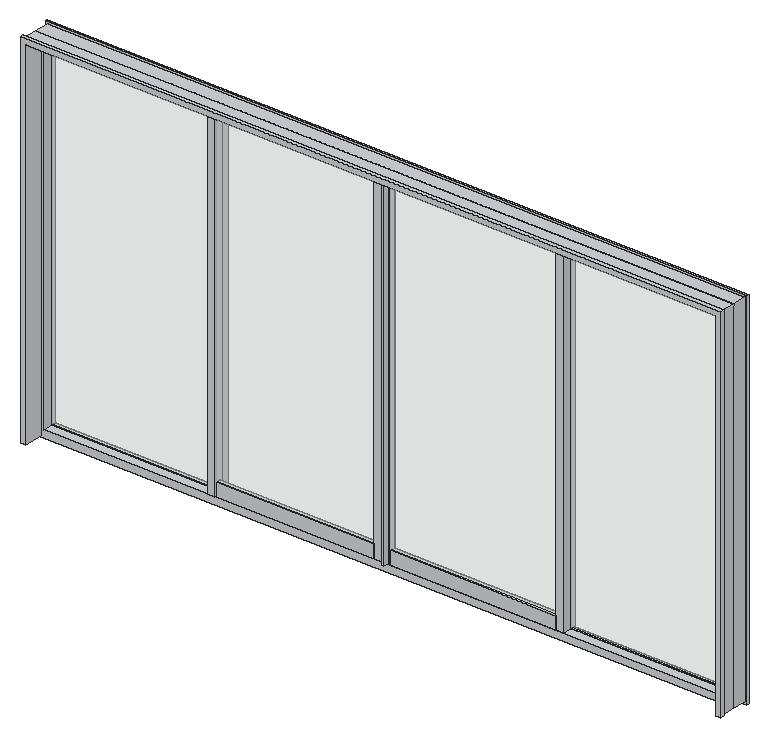
Revit family "APL Residential Thermal Heart Sliding Door FSSF", category Doors, host Wall, Revit 2017 (continued)
Definition of nested family "APL Residential Thermal Heart Sliding Door FSSF Vertical Section"
  Definition of nested family "Head Two Panel"
    Definition of nested family "65400_Frame Head"
      Lines and regions (mm)
        detail lines, in view "Ref. Level"
          curve 200: arc (70.2, -10.4, 0) -> (70.317, -10.117, 0) -> (70.6, -10, 0) r 0.4
          curve 201: arc (70.893, -10, 0) -> (70.996, -10.014, 0) -> (71.093, -10.054, 0) r 0.4
          curve 202: arc (72.621, -10.939, 0) -> (72.911, -11.059, 0) -> (73.222, -11.1, 0) r 1.2
          curve 203: arc (74.145, -11.1, 0) -> (74.718, -11.281, 0) -> (75.084, -11.758, 0) r 1
          curve 204: arc (75.877, -13.937, 0) -> (76.024, -14.128, 0) -> (76.253, -14.2, 0) r 0.4
          curve 205: arc (78.947, -14.2, 0) -> (79.176, -14.128, 0) -> (79.323, -13.937, 0) r 0.4
          curve 206: arc (80.116, -11.758, 0) -> (80.482, -11.281, 0) -> (81.055, -11.1, 0) r 1
          curve 207: arc (81.978, -11.1, 0) -> (82.289, -11.059, 0) -> (82.579, -10.939, 0) r 1.2
          curve 208: arc (84.107, -10.054, 0) -> (84.204, -10.014, 0) -> (84.307, -10, 0) r 0.4
          curve 209: arc (84.6, -10, 0) -> (84.883, -10.117, 0) -> (85, -10.4, 0) r 0.4
          curve 210: arc (85, -13.8, 0) -> (84.883, -14.083, 0) -> (84.6, -14.2, 0) r 0.4
          curve 211: arc (84.307, -14.2, 0) -> (84.204, -14.186, 0) -> (84.107, -14.146, 0) r 0.4
          curve 212: arc (82.579, -13.262, 0) -> (82.285, -13.14, 0) -> (81.97, -13.1, 0) r 1.2
          curve 213: arc (81.97, -13.1, 0) -> (81.795, -13.153, 0) -> (81.684, -13.297, 0) r 0.3
          curve 214: arc (80.796, -15.737, 0) -> (80.649, -15.928, 0) -> (80.42, -16, 0) r 0.4
          curve 215: arc (74.78, -16, 0) -> (74.551, -15.928, 0) -> (74.404, -15.737, 0) r 0.4
          curve 216: arc (73.516, -13.297, 0) -> (73.405, -13.153, 0) -> (73.23, -13.1, 0) r 0.3
          curve 217: arc (73.23, -13.1, 0) -> (72.915, -13.14, 0) -> (72.621, -13.262, 0) r 1.2
          curve 218: arc (71.093, -14.146, 0) -> (70.996, -14.186, 0) -> (70.893, -14.2, 0) r 0.4
          curve 219: arc (70.6, -14.2, 0) -> (70.317, -14.083, 0) -> (70.2, -13.8, 0) r 0.4
          curve 220: line (70.6, -10, 0) -> (70.893, -10, 0)
          curve 221: line (71.093, -10.054, 0) -> (72.621, -10.939, 0)
          curve 222: line (73.222, -11.1, 0) -> (74.145, -11.1, 0)
          curve 223: line (75.084, -11.758, 0) -> (75.877, -13.937, 0)
          curve 224: line (76.253, -14.2, 0) -> (78.947, -14.2, 0)
          curve 225: line (79.323, -13.937, 0) -> (80.116, -11.758, 0)
          curve 226: line (81.055, -11.1, 0) -> (81.978, -11.1, 0)
          curve 227: line (82.579, -10.939, 0) -> (84.107, -10.054, 0)
          curve 228: line (84.307, -10, 0) -> (84.6, -10, 0)
          curve 229: line (85, -10.4, 0) -> (85, -13.8, 0)
          curve 230: line (84.6, -14.2, 0) -> (84.307, -14.2, 0)
          curve 231: line (84.107, -14.146, 0) -> (82.579, -13.262, 0)
          curve 232: line (81.684, -13.297, 0) -> (80.796, -15.737, 0)
          curve 233: line (80.42, -16, 0) -> (74.78, -16, 0)
          curve 234: line (74.404, -15.737, 0) -> (73.516, -13.297, 0)
          curve 235: line (72.621, -13.262, 0) -> (71.093, -14.146, 0)
          curve 236: line (70.893, -14.2, 0) -> (70.6, -14.2, 0)
          curve 237: line (70.2, -13.8, 0) -> (70.2, -10.4, 0)
          curve 238: arc (70.2, -5.6, 0) -> (70.317, -5.883, 0) -> (70.6, -6, 0) r 0.4
          curve 239: arc (70.893, -6, 0) -> (70.996, -5.986, 0) -> (71.093, -5.946, 0) r 0.4
          curve 240: arc (72.621, -5.061, 0) -> (72.911, -4.941, 0) -> (73.222, -4.9, 0) r 1.2
          curve 241: arc (74.145, -4.9, 0) -> (74.718, -4.719, 0) -> (75.084, -4.242, 0) r 1
          curve 242: arc (75.877, -2.063, 0) -> (76.024, -1.872, 0) -> (76.253, -1.8, 0) r 0.4
          curve 243: arc (78.947, -1.8, 0) -> (79.176, -1.872, 0) -> (79.323, -2.063, 0) r 0.4
          curve 244: arc (80.116, -4.242, 0) -> (80.482, -4.719, 0) -> (81.055, -4.9, 0) r 1
          curve 245: arc (81.978, -4.9, 0) -> (82.289, -4.941, 0) -> (82.579, -5.061, 0) r 1.2
          curve 246: arc (84.107, -5.946, 0) -> (84.204, -5.986, 0) -> (84.307, -6, 0) r 0.4
          curve 247: arc (84.6, -6, 0) -> (84.883, -5.883, 0) -> (85, -5.6, 0) r 0.4
          curve 248: arc (85, -2.2, 0) -> (84.883, -1.917, 0) -> (84.6, -1.8, 0) r 0.4
          curve 249: arc (84.307, -1.8, 0) -> (84.204, -1.814, 0) -> (84.107, -1.854, 0) r 0.4
          curve 250: arc (82.579, -2.739, 0) -> (82.285, -2.86, 0) -> (81.97, -2.9, 0) r 1.2
          curve 251: arc (81.97, -2.9, 0) -> (81.795, -2.847, 0) -> (81.684, -2.703, 0) r 0.3
          curve 252: arc (80.796, -0.263, 0) -> (80.649, -0.072, 0) -> (80.42, 0, 0) r 0.4
          curve 253: arc (74.78, 0, 0) -> (74.551, -0.072, 0) -> (74.404, -0.263, 0) r 0.4
          curve 254: arc (73.516, -2.703, 0) -> (73.405, -2.847, 0) -> (73.23, -2.9, 0) r 0.3
          curve 255: arc (73.23, -2.9, 0) -> (72.915, -2.86, 0) -> (72.621, -2.739, 0) r 1.2
          curve 256: arc (71.093, -1.854, 0) -> (70.996, -1.814, 0) -> (70.893, -1.8, 0) r 0.4
          curve 257: arc (70.6, -1.8, 0) -> (70.317, -1.917, 0) -> (70.2, -2.2, 0) r 0.4
          curve 258: line (70.6, -6, 0) -> (70.893, -6, 0)
          curve 259: line (71.093, -5.946, 0) -> (72.621, -5.061, 0)
          curve 260: line (73.222, -4.9, 0) -> (74.145, -4.9, 0)
          curve 261: line (75.084, -4.242, 0) -> (75.877, -2.063, 0)
          curve 262: line (76.253, -1.8, 0) -> (78.947, -1.8, 0)
          curve 263: line (79.323, -2.063, 0) -> (80.116, -4.242, 0)
          curve 264: line (81.055, -4.9, 0) -> (81.978, -4.9, 0)
          curve 265: line (82.579, -5.061, 0) -> (84.107, -5.946, 0)
          curve 266: line (84.307, -6, 0) -> (84.6, -6, 0)
          curve 267: line (85, -5.6, 0) -> (85, -2.2, 0)
          curve 268: line (84.6, -1.8, 0) -> (84.307, -1.8, 0)
          curve 269: line (84.107, -1.854, 0) -> (82.579, -2.739, 0)
          curve 270: line (81.684, -2.703, 0) -> (80.796, -0.263, 0)
          curve 271: line (80.42, 0, 0) -> (74.78, 0, 0)
          curve 272: line (74.404, -0.263, 0) -> (73.516, -2.703, 0)
          curve 273: line (72.621, -2.739, 0) -> (71.093, -1.854, 0)
          curve 274: line (70.893, -1.8, 0) -> (70.6, -1.8, 0)
          curve 275: line (70.2, -2.2, 0) -> (70.2, -5.6, 0)
          curve 276: arc (113.4, -35.877, 0) -> (113.327, -35.95, 0) -> (113.3, -36.05, 0) r 0.2
          curve 277: arc (113.3, -40.25, 0) -> (113.327, -40.35, 0) -> (113.4, -40.423, 0) r 0.2
          curve 278: arc (113.4, -40.423, 0) -> (113.473, -40.496, 0) -> (113.5, -40.596, 0) r 0.2
          curve 279: arc (113.5, -41.8, 0) -> (113.441, -41.941, 0) -> (113.3, -42, 0) r 0.2
          curve 280: arc (111.701, -42, 0) -> (111.559, -41.942, 0) -> (111.5, -41.8, 0) r 0.2
          curve 281: arc (111.5, -40.95, 0) -> (111, -40.451, 0) -> (110.5, -40.95, 0) r 0.5
          curve 282: arc (110.5, -42.5, 0) -> (110.646, -42.854, 0) -> (111, -43, 0) r 0.499
          curve 283: arc (114.5, -43, 0) -> (114.847, -42.847, 0) -> (115, -42.5, 0) r 0.523
          curve 284: arc (115, -21.5, 0) -> (114.856, -21.144, 0) -> (114.5, -21, 0) r 0.493
          curve 285: arc (111.7, -21, 0) -> (111.558, -20.942, 0) -> (111.5, -20.8, 0) r 0.199
          curve 286: arc (111.5, -13.199, 0) -> (110.852, -11.559, 0) -> (109.258, -10.805, 0) r 2.399
          curve 287: arc (109.258, -10.805, 0) -> (108.878, -10.588, 0) -> (108.814, -10.156, 0) r 0.5
          curve 288: arc (108.814, -10.156, 0) -> (109, -8.953, 0) -> (108.816, -7.75, 0) r 4
          curve 289: arc (108.816, -7.75, 0) -> (108.89, -7.304, 0) -> (109.293, -7.1, 0) r 0.5
          curve 290: arc (109.5, -7.1, 0) -> (110.914, -6.514, 0) -> (111.5, -5.1, 0) r 2.001
          curve 291: arc (120.75, -1.5, 0) -> (121.501, -0.747, 0) -> (120.745, 0, 0) r 0.75
          curve 292: arc (111.5, 0, 0) -> (110.439, -0.439, 0) -> (110, -1.5, 0) r 1.5
          curve 293: arc (110, -5, 0) -> (109.941, -5.141, 0) -> (109.8, -5.2, 0) r 0.2
          curve 294: arc (100.5, -5.2, 0) -> (100.146, -5.346, 0) -> (100, -5.7, 0) r 0.5
          curve 295: arc (100, -6.2, 0) -> (100.146, -6.554, 0) -> (100.5, -6.7, 0) r 0.5
          curve 296: arc (101.927, -6.7, 0) -> (102.266, -6.833, 0) -> (102.426, -7.16, 0) r 0.5
          curve 297: arc (102.426, -7.16, 0) -> (102.912, -7.803, 0) -> (103.7, -7.634, 0) r 0.75
          curve 298: arc (103.7, -7.634, 0) -> (105, -7.1, 0) -> (106.3, -7.634, 0) r 1.85
          curve 299: arc (106.3, -7.634, 0) -> (106.442, -7.744, 0) -> (106.607, -7.817, 0) r 0.75
          curve 300: arc (106.607, -7.817, 0) -> (106.791, -7.92, 0) -> (106.916, -8.09, 0) r 0.5
          curve 301: arc (106.916, -8.09, 0) -> (107.1, -8.95, 0) -> (106.916, -9.81, 0) r 2.1
          curve 302: arc (106.916, -9.81, 0) -> (106.791, -9.98, 0) -> (106.607, -10.083, 0) r 0.5
          curve 303: arc (106.607, -10.083, 0) -> (106.442, -10.156, 0) -> (106.3, -10.266, 0) r 0.75
          curve 304: arc (106.3, -10.266, 0) -> (105, -10.8, 0) -> (103.7, -10.266, 0) r 1.85
          curve 305: arc (103.7, -10.266, 0) -> (103.027, -10.064, 0) -> (102.482, -10.509, 0) r 0.75
          curve 306: arc (102.482, -10.509, 0) -> (102.32, -10.716, 0) -> (102.075, -10.812, 0) r 0.5
          curve 307: arc (102.075, -10.812, 0) -> (101.154, -11.14, 0) -> (100.481, -11.85, 0) r 2.1
          curve 308: arc (100.481, -11.85, 0) -> (100.298, -12.033, 0) -> (100.048, -12.1, 0) r 0.5
          curve 309: arc (91.556, -12.1, 0) -> (91.287, -12.022, 0) -> (91.103, -11.812, 0) r 0.5
          curve 310: arc (91.103, -11.812, 0) -> (90.328, -10.929, 0) -> (89.2, -10.6, 0) r 2.1
          curve 311: arc (87.9, -10.6, 0) -> (87.193, -10.307, 0) -> (86.9, -9.6, 0) r 1
          curve 312: arc (86.9, -0.5, 0) -> (86.754, -0.146, 0) -> (86.4, 0, 0) r 0.5
          curve 313: arc (84.083, 0, 0) -> (83.778, -0.199, 0) -> (83.505, 0.043, 0) r 0.3
          curve 314: arc (83.505, 0.043, 0) -> (83.439, 0.181, 0) -> (83.313, 0.268, 0) r 0.3
          curve 315: arc (81.903, 0.782, 0) -> (81.617, 0.738, 0) -> (81.501, 0.474, 0) r 0.3
          curve 316: arc (81.708, -1.892, 0) -> (81.735, -1.992, 0) -> (81.795, -2.078, 0) r 0.3
          curve 317: arc (82.159, -2.441, 0) -> (82.352, -2.493, 0) -> (82.493, -2.352, 0) r 0.2
          curve 318: arc (82.538, -2.184, 0) -> (82.59, -2.095, 0) -> (82.679, -2.043, 0) r 0.2
          curve 319: arc (84.822, -1.51, 0) -> (85.164, -1.657, 0) -> (85.1, -2.024, 0) r 0.3
          curve 320: arc (85.1, -2.024, 0) -> (85.026, -2.125, 0) -> (85, -2.247, 0) r 0.3
          curve 321: arc (85.194, -6.25, 0) -> (85.158, -6.422, 0) -> (85, -6.5, 0) r 0.2
          curve 322: arc (84.479, -6.5, 0) -> (84.398, -6.489, 0) -> (84.323, -6.456, 0) r 0.3
          curve 323: arc (83.069, -5.691, 0) -> (83.063, -5.498, 0) -> (82.92, -5.367, 0) r 0.25
          curve 324: arc (82.92, -5.367, 0) -> (82.65, -5.321, 0) -> (82.5, -5.55, 0) r 0.25
          curve 325: arc (82.5, -7.126, 0) -> (82.582, -7.523, 0) -> (82.815, -7.854, 0) r 1
          curve 326: arc (82.815, -7.854, 0) -> (82.878, -8, 0) -> (82.815, -8.146, 0) r 0.2
          curve 327: arc (82.815, -8.146, 0) -> (82.582, -8.477, 0) -> (82.5, -8.874, 0) r 1
          curve 328: arc (82.5, -10.45, 0) -> (82.628, -10.668, 0) -> (82.88, -10.663, 0) r 0.25
          curve 329: arc (82.966, -10.611, 0) -> (83.072, -10.479, 0) -> (83.069, -10.309, 0) r 0.25
          curve 330: arc (84.323, -9.544, 0) -> (84.398, -9.511, 0) -> (84.479, -9.5, 0) r 0.3
          curve 331: arc (85, -9.5, 0) -> (85.158, -9.577, 0) -> (85.194, -9.75, 0) r 0.2
          curve 332: arc (85, -13.753, 0) -> (85.026, -13.875, 0) -> (85.1, -13.976, 0) r 0.3
          curve 333: arc (85.1, -13.976, 0) -> (85.164, -14.343, 0) -> (84.822, -14.49, 0) r 0.3
          curve 334: arc (82.679, -13.957, 0) -> (82.59, -13.905, 0) -> (82.538, -13.816, 0) r 0.2
          curve 335: arc (82.493, -13.648, 0) -> (82.352, -13.507, 0) -> (82.159, -13.559, 0) r 0.2
          curve 336: arc (81.795, -13.922, 0) -> (81.735, -14.008, 0) -> (81.708, -14.108, 0) r 0.3
          curve 337: arc (81.501, -16.474, 0) -> (81.617, -16.738, 0) -> (81.903, -16.782, 0) r 0.3
          curve 338: arc (83.313, -16.268, 0) -> (83.439, -16.181, 0) -> (83.505, -16.043, 0) r 0.3
          curve 339: arc (83.505, -16.043, 0) -> (83.778, -15.801, 0) -> (84.083, -16, 0) r 0.3
          curve 340: arc (86.7, -16, 0) -> (86.841, -15.941, 0) -> (86.9, -15.8, 0) r 0.2
          curve 341: arc (86.9, -12.7, 0) -> (86.959, -12.559, 0) -> (87.1, -12.5, 0) r 0.2
          curve 342: arc (89.2, -12.5, 0) -> (89.341, -12.559, 0) -> (89.4, -12.7, 0) r 0.2
          curve 343: arc (89.4, -13.8, 0) -> (89.459, -13.941, 0) -> (89.6, -14, 0) r 0.2
          curve 344: arc (101.9, -14, 0) -> (102.042, -13.941, 0) -> (102.1, -13.8, 0) r 0.2
          curve 345: arc (102.1, -12.9, 0) -> (102.159, -12.759, 0) -> (102.3, -12.7, 0) r 0.2
          curve 346: arc (109.1, -12.7, 0) -> (109.454, -12.846, 0) -> (109.6, -13.2, 0) r 0.5
          curve 347: arc (109.6, -14.5, 0) -> (109.541, -14.641, 0) -> (109.4, -14.7, 0) r 0.2
          curve 348: arc (107.3, -14.7, 0) -> (107.159, -14.759, 0) -> (107.1, -14.9, 0) r 0.2
          curve 349: arc (107.1, -15.8, 0) -> (107.159, -15.941, 0) -> (107.3, -16, 0) r 0.2
          curve 350: arc (109.5, -16, 0) -> (109.854, -16.146, 0) -> (110, -16.5, 0) r 0.5
          curve 351: arc (110, -22.8, 0) -> (110.146, -23.154, 0) -> (110.5, -23.3, 0) r 0.5
          curve 352: arc (111.3, -23.3, 0) -> (111.441, -23.241, 0) -> (111.5, -23.1, 0) r 0.2
          curve 353: arc (113.3, -22.3, 0) -> (113.441, -22.359, 0) -> (113.5, -22.5, 0) r 0.2
          curve 354: arc (113.5, -27.4, 0) -> (113.1, -27.8, 0) -> (113.5, -28.2, 0) r 0.4
          curve 355: arc (113.5, -33.1, 0) -> (113.441, -33.241, 0) -> (113.3, -33.3, 0) r 0.2
          curve 356: arc (111.5, -32.7, 0) -> (111.383, -32.417, 0) -> (111.1, -32.3, 0) r 0.4
          curve 357: arc (111, -32.3, 0) -> (110.646, -32.447, 0) -> (110.5, -32.8, 0) r 0.5
          curve 358: arc (110.5, -35.35, 0) -> (111, -35.85, 0) -> (111.5, -35.35, 0) r 0.5
          curve 359: arc (111.5, -34.5, 0) -> (111.559, -34.359, 0) -> (111.7, -34.3, 0) r 0.2
          curve 360: arc (113.3, -34.3, 0) -> (113.441, -34.359, 0) -> (113.5, -34.5, 0) r 0.2
          curve 361: line (113.3, -36.05, 0) -> (113.3, -40.25, 0)
          curve 362: line (113.5, -40.596, 0) -> (113.5, -41.8, 0)
          curve 363: line (113.3, -42, 0) -> (111.701, -42, 0)
          curve 364: line (111.5, -41.8, 0) -> (111.5, -40.95, 0)
          curve 365: line (110.5, -40.95, 0) -> (110.5, -42.5, 0)
          curve 366: line (111, -43, 0) -> (114.5, -43, 0)
          curve 367: line (115, -42.5, 0) -> (115, -21.5, 0)
          curve 368: line (114.5, -21, 0) -> (111.7, -21, 0)
          curve 369: line (111.5, -20.8, 0) -> (111.5, -13.199, 0)
          curve 370: line (109.293, -7.1, 0) -> (109.5, -7.1, 0)
          curve 371: line (111.5, -5.1, 0) -> (111.5, -1.5, 0)
          curve 372: line (111.5, -1.5, 0) -> (120.75, -1.5, 0)
          curve 373: line (120.745, 0, 0) -> (119, 0, 0)
          curve 374: line (119, 0, 0) -> (118.6, -0.4, 0)
          curve 375: line (118.6, -0.4, 0) -> (112.3, -0.4, 0)
          curve 376: line (112.3, -0.4, 0) -> (111.9, 0, 0)
          curve 377: line (111.9, 0, 0) -> (111.5, 0, 0)
          curve 378: line (110, -1.5, 0) -> (110, -5, 0)
          curve 379: line (109.8, -5.2, 0) -> (100.5, -5.2, 0)
          curve 380: line (100, -5.7, 0) -> (100, -6.2, 0)
          curve 381: line (100.5, -6.7, 0) -> (101.927, -6.7, 0)
          curve 382: line (100.048, -12.1, 0) -> (91.556, -12.1, 0)
          curve 383: line (89.2, -10.6, 0) -> (87.9, -10.6, 0)
          curve 384: line (86.9, -9.6, 0) -> (86.9, -0.5, 0)
          curve 385: line (86.4, 0, 0) -> (84.083, 0, 0)
          curve 386: line (83.313, 0.268, 0) -> (81.903, 0.782, 0)
          curve 387: line (81.501, 0.474, 0) -> (81.708, -1.892, 0)
          curve 388: line (81.795, -2.078, 0) -> (82.159, -2.441, 0)
          curve 389: line (82.493, -2.352, 0) -> (82.538, -2.184, 0)
          curve 390: line (82.679, -2.043, 0) -> (84.812, -1.472, 0)
          curve 391: line (85, -2.247, 0) -> (85, -5.475, 0)
          curve 392: line (85, -5.5, 0) -> (85.194, -6.25, 0)
          curve 393: line (85, -6.5, 0) -> (84.479, -6.5, 0)
          curve 394: line (84.323, -6.456, 0) -> (83.069, -5.691, 0)
          curve 395: line (82.5, -5.55, 0) -> (82.5, -7.126, 0)
          curve 396: line (82.5, -8.874, 0) -> (82.5, -10.45, 0)
          curve 397: line (83.069, -10.309, 0) -> (84.323, -9.544, 0)
          curve 398: line (84.479, -9.5, 0) -> (85, -9.5, 0)
          curve 399: line (85.194, -9.75, 0) -> (85, -10.5, 0)
          curve 400: line (85, -10.525, 0) -> (85, -13.752, 0)
          curve 401: line (84.812, -14.528, 0) -> (82.679, -13.957, 0)
          curve 402: line (82.538, -13.816, 0) -> (82.493, -13.648, 0)
          curve 403: line (82.159, -13.559, 0) -> (81.795, -13.922, 0)
          curve 404: line (81.708, -14.108, 0) -> (81.501, -16.474, 0)
          curve 405: line (81.903, -16.782, 0) -> (83.313, -16.268, 0)
          curve 406: line (84.083, -16, 0) -> (86.7, -16, 0)
          curve 407: line (86.9, -15.8, 0) -> (86.9, -12.7, 0)
          curve 408: line (87.1, -12.5, 0) -> (89.2, -12.5, 0)
          curve 409: line (89.4, -12.7, 0) -> (89.4, -13.8, 0)
          curve 410: line (89.6, -14, 0) -> (95.4, -14, 0)
          curve 411: line (95.4, -14, 0) -> (95.8, -13.6, 0)
          curve 412: line (95.8, -13.6, 0) -> (96.2, -14, 0)
          curve 413: line (96.2, -14, 0) -> (101.9, -14, 0)
          curve 414: line (102.1, -13.8, 0) -> (102.1, -12.9, 0)
          curve 415: line (102.3, -12.7, 0) -> (109.1, -12.7, 0)
          curve 416: line (109.6, -13.2, 0) -> (109.6, -14.5, 0)
          curve 417: line (109.4, -14.7, 0) -> (107.3, -14.7, 0)
          curve 418: line (107.1, -14.9, 0) -> (107.1, -15.8, 0)
          curve 419: line (107.3, -16, 0) -> (109.5, -16, 0)
          curve 420: line (110, -16.5, 0) -> (110, -22.8, 0)
          curve 421: line (110.5, -23.3, 0) -> (111.3, -23.3, 0)
          curve 422: line (111.5, -23.1, 0) -> (111.5, -22.3, 0)
          curve 423: line (111.5, -22.3, 0) -> (113.3, -22.3, 0)
          curve 424: line (113.5, -22.5, 0) -> (113.5, -27.4, 0)
          curve 425: line (113.5, -28.2, 0) -> (113.5, -33.1, 0)
          curve 426: line (113.3, -33.3, 0) -> (111.5, -33.3, 0)
          curve 427: line (111.5, -33.3, 0) -> (111.5, -32.7, 0)
          curve 428: line (110.5, -32.8, 0) -> (110.5, -35.35, 0)
          curve 429: line (111.5, -35.35, 0) -> (111.5, -34.5, 0)
          curve 430: line (111.7, -34.3, 0) -> (113.3, -34.3, 0)
          curve 431: line (113.5, -34.5, 0) -> (113.5, -35.704, 0)
          curve 432: arc (113.5, -35.704, 0) -> (113.473, -35.804, 0) -> (113.4, -35.877, 0) r 0.2
          curve 433: arc (12.7, -18.4, 0) -> (12.817, -18.117, 0) -> (13.1, -18, 0) r 0.4
          curve 434: arc (13.393, -18, 0) -> (13.496, -18.014, 0) -> (13.593, -18.054, 0) r 0.4
          curve 435: arc (15.121, -18.939, 0) -> (15.411, -19.059, 0) -> (15.722, -19.1, 0) r 1.2
          curve 436: arc (16.645, -19.1, 0) -> (17.218, -19.281, 0) -> (17.584, -19.758, 0) r 1
          curve 437: arc (18.377, -21.937, 0) -> (18.524, -22.128, 0) -> (18.753, -22.2, 0) r 0.4
          curve 438: arc (21.447, -22.2, 0) -> (21.676, -22.128, 0) -> (21.823, -21.937, 0) r 0.4
          curve 439: arc (22.616, -19.758, 0) -> (22.982, -19.281, 0) -> (23.555, -19.1, 0) r 1
          curve 440: arc (24.478, -19.1, 0) -> (24.789, -19.059, 0) -> (25.079, -18.939, 0) r 1.2
          curve 441: arc (26.607, -18.054, 0) -> (26.704, -18.014, 0) -> (26.807, -18, 0) r 0.4
          curve 442: arc (27.1, -18, 0) -> (27.383, -18.117, 0) -> (27.5, -18.4, 0) r 0.4
          curve 443: arc (27.5, -21.8, 0) -> (27.383, -22.083, 0) -> (27.1, -22.2, 0) r 0.4
          curve 444: arc (26.807, -22.2, 0) -> (26.704, -22.186, 0) -> (26.607, -22.146, 0) r 0.4
          curve 445: arc (25.079, -21.261, 0) -> (24.785, -21.14, 0) -> (24.47, -21.1, 0) r 1.2
          curve 446: arc (24.47, -21.1, 0) -> (24.295, -21.153, 0) -> (24.184, -21.297, 0) r 0.3
          curve 447: arc (23.296, -23.737, 0) -> (23.149, -23.928, 0) -> (22.92, -24, 0) r 0.4
          curve 448: arc (17.28, -24, 0) -> (17.051, -23.928, 0) -> (16.904, -23.737, 0) r 0.4
          curve 449: arc (16.016, -21.297, 0) -> (15.905, -21.153, 0) -> (15.73, -21.1, 0) r 0.3
          curve 450: arc (15.73, -21.1, 0) -> (15.415, -21.14, 0) -> (15.121, -21.261, 0) r 1.2
          curve 451: arc (13.593, -22.146, 0) -> (13.496, -22.186, 0) -> (13.393, -22.2, 0) r 0.4
          curve 452: arc (13.1, -22.2, 0) -> (12.817, -22.083, 0) -> (12.7, -21.8, 0) r 0.4
          curve 453: line (13.1, -18, 0) -> (13.393, -18, 0)
          curve 454: line (13.593, -18.054, 0) -> (15.121, -18.939, 0)
          curve 455: line (15.722, -19.1, 0) -> (16.645, -19.1, 0)
          curve 456: line (17.584, -19.758, 0) -> (18.377, -21.937, 0)
          curve 457: line (18.753, -22.2, 0) -> (21.447, -22.2, 0)
          curve 458: line (21.823, -21.937, 0) -> (22.616, -19.758, 0)
          curve 459: line (23.555, -19.1, 0) -> (24.478, -19.1, 0)
          curve 460: line (25.079, -18.939, 0) -> (26.607, -18.054, 0)
          curve 461: line (26.807, -18, 0) -> (27.1, -18, 0)
          curve 462: line (27.5, -18.4, 0) -> (27.5, -21.8, 0)
          curve 463: line (27.1, -22.2, 0) -> (26.807, -22.2, 0)
          curve 464: line (26.607, -22.146, 0) -> (25.079, -21.261, 0)
          curve 465: line (24.184, -21.297, 0) -> (23.296, -23.737, 0)
          curve 466: line (22.92, -24, 0) -> (17.28, -24, 0)
          curve 467: line (16.904, -23.737, 0) -> (16.016, -21.297, 0)
          curve 468: line (15.121, -21.261, 0) -> (13.593, -22.146, 0)
          curve 469: line (13.393, -22.2, 0) -> (13.1, -22.2, 0)
          curve 470: line (12.7, -21.8, 0) -> (12.7, -18.4, 0)
          curve 471: arc (12.7, -2.2, 0) -> (12.817, -1.917, 0) -> (13.1, -1.8, 0) r 0.4
          curve 472: arc (13.393, -1.8, 0) -> (13.496, -1.814, 0) -> (13.593, -1.854, 0) r 0.4
          curve 473: arc (15.121, -2.739, 0) -> (15.411, -2.859, 0) -> (15.722, -2.9, 0) r 1.2
          curve 474: arc (16.645, -2.9, 0) -> (17.218, -3.081, 0) -> (17.584, -3.558, 0) r 1
          curve 475: arc (18.377, -5.737, 0) -> (18.524, -5.928, 0) -> (18.753, -6, 0) r 0.4
          curve 476: arc (21.447, -6, 0) -> (21.676, -5.928, 0) -> (21.823, -5.737, 0) r 0.4
          curve 477: arc (22.616, -3.558, 0) -> (22.982, -3.081, 0) -> (23.555, -2.9, 0) r 1
          curve 478: arc (24.478, -2.9, 0) -> (24.789, -2.859, 0) -> (25.079, -2.739, 0) r 1.2
          curve 479: arc (26.607, -1.854, 0) -> (26.704, -1.814, 0) -> (26.807, -1.8, 0) r 0.4
          curve 480: arc (27.1, -1.8, 0) -> (27.383, -1.917, 0) -> (27.5, -2.2, 0) r 0.4
          curve 481: arc (27.5, -5.6, 0) -> (27.383, -5.883, 0) -> (27.1, -6, 0) r 0.4
          curve 482: arc (26.807, -6, 0) -> (26.704, -5.986, 0) -> (26.607, -5.946, 0) r 0.4
          curve 483: arc (25.079, -5.061, 0) -> (24.785, -4.94, 0) -> (24.47, -4.9, 0) r 1.2
          curve 484: arc (24.47, -4.9, 0) -> (24.295, -4.953, 0) -> (24.184, -5.097, 0) r 0.3
          curve 485: arc (23.296, -7.537, 0) -> (23.149, -7.728, 0) -> (22.92, -7.8, 0) r 0.4
          curve 486: arc (17.28, -7.8, 0) -> (17.051, -7.728, 0) -> (16.904, -7.537, 0) r 0.4
          curve 487: arc (16.016, -5.097, 0) -> (15.905, -4.953, 0) -> (15.73, -4.9, 0) r 0.3
          curve 488: arc (15.73, -4.9, 0) -> (15.415, -4.94, 0) -> (15.121, -5.061, 0) r 1.2
          curve 489: arc (13.593, -5.946, 0) -> (13.496, -5.986, 0) -> (13.393, -6, 0) r 0.4
          curve 490: arc (13.1, -6, 0) -> (12.817, -5.883, 0) -> (12.7, -5.6, 0) r 0.4
          curve 491: line (13.1, -1.8, 0) -> (13.393, -1.8, 0)
          curve 492: line (13.593, -1.854, 0) -> (15.121, -2.739, 0)
          curve 493: line (15.722, -2.9, 0) -> (16.645, -2.9, 0)
          curve 494: line (17.584, -3.558, 0) -> (18.377, -5.737, 0)
          curve 495: line (18.753, -6, 0) -> (21.447, -6, 0)
          curve 496: line (21.823, -5.737, 0) -> (22.616, -3.558, 0)
          curve 497: line (23.555, -2.9, 0) -> (24.478, -2.9, 0)
          curve 498: line (25.079, -2.739, 0) -> (26.607, -1.854, 0)
          curve 499: line (26.807, -1.8, 0) -> (27.1, -1.8, 0)
          curve 500: line (27.5, -2.2, 0) -> (27.5, -5.6, 0)
          curve 501: line (27.1, -6, 0) -> (26.807, -6, 0)
          curve 502: line (26.607, -5.946, 0) -> (25.079, -5.061, 0)
          curve 503: line (24.184, -5.097, 0) -> (23.296, -7.537, 0)
          curve 504: line (22.92, -7.8, 0) -> (17.28, -7.8, 0)
          curve 505: line (16.904, -7.537, 0) -> (16.016, -5.097, 0)
          curve 506: line (15.121, -5.061, 0) -> (13.593, -5.946, 0)
          curve 507: line (13.393, -6, 0) -> (13.1, -6, 0)
          curve 508: line (12.7, -5.6, 0) -> (12.7, -2.2, 0)
          curve 509: arc (10.8, -6.498, 0) -> (11.356, -7.843, 0) -> (12.7, -8.4, 0) r 1.9
          curve 510: arc (13.1, -8.4, 0) -> (13.241, -8.459, 0) -> (13.3, -8.6, 0) r 0.2
          curve 511: arc (13.3, -15.4, 0) -> (13.241, -15.541, 0) -> (13.1, -15.6, 0) r 0.2
          curve 512: arc (11, -15.6, 0) -> (10.859, -15.659, 0) -> (10.8, -15.8, 0) r 0.2
          curve 513: arc (10.8, -16.283, 0) -> (10.741, -16.425, 0) -> (10.6, -16.483, 0) r 0.2
          curve 514: arc (1.9, -16.483, 0) -> (1.546, -16.337, 0) -> (1.4, -15.983, 0) r 0.5
          curve 515: arc (1.4, -2.245, 0) -> (1.521, -1.631, 0) -> (1.869, -1.111, 0) r 1.6
          curve 516: arc (6.387, 3.407, 0) -> (6.711, 3.624, 0) -> (7.094, 3.7, 0) r 1
          curve 517: arc (9.8, 3.7, 0) -> (10.507, 3.407, 0) -> (10.8, 2.7, 0) r 1
          curve 518: arc (1.665, -23.621, 0) -> (1.729, -23.522, 0) -> (1.725, -23.403, 0) r 0.2
          curve 519: arc (1.725, -23.403, 0) -> (1.621, -23.234, 0) -> (1.453, -23.127, 0) r 0.45
          curve 520: arc (1.453, -23.127, 0) -> (1.357, -23.052, 0) -> (1.322, -22.936, 0) r 0.2
          curve 521: arc (1.379, -18.081, 0) -> (1.438, -17.941, 0) -> (1.579, -17.883, 0) r 0.2
          curve 522: arc (10.6, -17.883, 0) -> (10.741, -17.942, 0) -> (10.8, -18.083, 0) r 0.2
          curve 523: arc (10.8, -22.172, 0) -> (10.773, -22.272, 0) -> (10.7, -22.345, 0) r 0.2
          curve 524: arc (9.6, -22.98, 0) -> (9.38, -23.2, 0) -> (9.3, -23.5, 0) r 0.6
          curve 525: arc (9.3, -23.8, 0) -> (9.359, -23.941, 0) -> (9.5, -24, 0) r 0.2
          curve 526: arc (13.617, -24, 0) -> (13.922, -23.801, 0) -> (14.195, -24.043, 0) r 0.3
          curve 527: arc (14.195, -24.043, 0) -> (14.261, -24.181, 0) -> (14.387, -24.268, 0) r 0.3
          curve 528: arc (15.797, -24.782, 0) -> (16.083, -24.738, 0) -> (16.199, -24.474, 0) r 0.3
          curve 529: arc (15.992, -22.108, 0) -> (15.965, -22.008, 0) -> (15.905, -21.922, 0) r 0.3
          curve 530: arc (15.541, -21.559, 0) -> (15.348, -21.507, 0) -> (15.207, -21.648, 0) r 0.2
          curve 531: arc (15.162, -21.816, 0) -> (15.11, -21.905, 0) -> (15.021, -21.957, 0) r 0.2
          curve 532: arc (12.878, -22.49, 0) -> (12.536, -22.343, 0) -> (12.6, -21.976, 0) r 0.3
          curve 533: arc (12.6, -21.976, 0) -> (12.674, -21.875, 0) -> (12.7, -21.753, 0) r 0.3
          curve 534: arc (12.506, -17.75, 0) -> (12.542, -17.578, 0) -> (12.7, -17.5, 0) r 0.2
          curve 535: arc (13.221, -17.5, 0) -> (13.302, -17.511, 0) -> (13.377, -17.544, 0) r 0.3
          curve 536: arc (14.631, -18.309, 0) -> (14.637, -18.502, 0) -> (14.78, -18.633, 0) r 0.25
          curve 537: arc (14.78, -18.633, 0) -> (15.05, -18.679, 0) -> (15.2, -18.45, 0) r 0.25
          curve 538: arc (15.2, -8.599, 0) -> (15.259, -8.458, 0) -> (15.4, -8.4, 0) r 0.2
          curve 539: arc (16.479, -8.4, 0) -> (16.643, -8.315, 0) -> (16.667, -8.132, 0) r 0.2
          curve 540: arc (15.775, -5.682, 0) -> (15.702, -5.586, 0) -> (15.587, -5.55, 0) r 0.2
          curve 541: arc (15.353, -5.55, 0) -> (15.248, -5.52, 0) -> (15.174, -5.439, 0) r 0.2
          curve 542: arc (15.174, -5.439, 0) -> (14.995, -5.304, 0) -> (14.78, -5.367, 0) r 0.25
          curve 543: arc (14.78, -5.367, 0) -> (14.637, -5.498, 0) -> (14.631, -5.691, 0) r 0.25
          curve 544: arc (13.377, -6.456, 0) -> (13.302, -6.489, 0) -> (13.221, -6.5, 0) r 0.3
          curve 545: arc (12.7, -6.5, 0) -> (12.542, -6.422, 0) -> (12.506, -6.25, 0) r 0.2
          curve 546: arc (12.7, -2.247, 0) -> (12.674, -2.125, 0) -> (12.6, -2.024, 0) r 0.3
          curve 547: arc (12.6, -2.024, 0) -> (12.536, -1.657, 0) -> (12.878, -1.51, 0) r 0.3
          curve 548: arc (15.021, -2.043, 0) -> (15.11, -2.095, 0) -> (15.162, -2.184, 0) r 0.2
          curve 549: arc (15.207, -2.352, 0) -> (15.348, -2.493, 0) -> (15.541, -2.441, 0) r 0.2
          curve 550: arc (15.905, -2.078, 0) -> (15.965, -1.992, 0) -> (15.992, -1.892, 0) r 0.3
          curve 551: arc (16.199, 0.474, 0) -> (16.083, 0.738, 0) -> (15.797, 0.782, 0) r 0.3
          curve 552: arc (14.387, 0.268, 0) -> (14.261, 0.181, 0) -> (14.195, 0.043, 0) r 0.3
          curve 553: arc (14.195, 0.043, 0) -> (13.922, -0.199, 0) -> (13.617, 0, 0) r 0.3
          curve 554: arc (12.6, 0, 0) -> (12.459, 0.059, 0) -> (12.4, 0.2, 0) r 0.2
          curve 555: arc (12.4, 2.696, 0) -> (11.64, 4.537, 0) -> (9.8, 5.3, 0) r 2.6
          curve 556: arc (7.9, 5.3, 0) -> (7.547, 5.446, 0) -> (7.4, 5.8, 0) r 0.5
          curve 557: arc (7.4, 13.402, 0) -> (7.508, 13.581, 0) -> (7.716, 13.566, 0) r 0.2
          curve 558: arc (7.716, 13.566, 0) -> (8.721, 13.692, 0) -> (8.684, 14.705, 0) r 0.75
          curve 559: arc (8.684, 14.705, 0) -> (8.15, 16.005, 0) -> (8.684, 17.305, 0) r 1.85
          curve 560: arc (8.684, 17.305, 0) -> (8.794, 17.447, 0) -> (8.867, 17.612, 0) r 0.75
          curve 561: arc (8.867, 17.612, 0) -> (8.97, 17.796, 0) -> (9.14, 17.921, 0) r 0.5
          curve 562: arc (9.14, 17.921, 0) -> (10, 18.105, 0) -> (10.86, 17.921, 0) r 2.1
          curve 563: arc (10.86, 17.921, 0) -> (11.03, 17.796, 0) -> (11.133, 17.612, 0) r 0.5
          curve 564: arc (11.133, 17.612, 0) -> (11.206, 17.447, 0) -> (11.316, 17.305, 0) r 0.75
          curve 565: arc (11.316, 17.305, 0) -> (11.85, 16.005, 0) -> (11.316, 14.705, 0) r 1.85
          curve 566: arc (11.316, 14.705, 0) -> (11.323, 13.644, 0) -> (12.384, 13.651, 0) r 0.75
          curve 567: arc (12.384, 13.651, 0) -> (13.348, 15.881, 0) -> (12.551, 18.176, 0) r 3.35
          curve 568: arc (12.551, 18.176, 0) -> (12.478, 18.71, 0) -> (12.932, 19, 0) r 0.5
          curve 569: arc (13.15, 19, 0) -> (13.291, 19.059, 0) -> (13.35, 19.2, 0) r 0.2
          curve 570: arc (13.35, 19.5, 0) -> (13.204, 19.854, 0) -> (12.85, 20, 0) r 0.5
          curve 571: arc (7, 20, 0) -> (6.293, 19.707, 0) -> (6, 19, 0) r 1
          curve 572: arc (6, 6.243, 0) -> (5.772, 5.095, 0) -> (5.121, 4.121, 0) r 3
          curve 573: arc (0.879, -0.121, 0) -> (0.228, -1.095, 0) -> (0, -2.243, 0) r 3
          curve 574: arc (0, -23.8, 0) -> (0.059, -23.941, 0) -> (0.2, -24, 0) r 0.2
          curve 575: line (10.8, 2.7, 0) -> (10.8, -6.498, 0)
          curve 576: line (12.7, -8.4, 0) -> (13.1, -8.4, 0)
          curve 577: line (13.3, -8.6, 0) -> (13.3, -15.4, 0)
          curve 578: line (13.1, -15.6, 0) -> (11, -15.6, 0)
          curve 579: line (10.8, -15.8, 0) -> (10.8, -16.283, 0)
          curve 580: line (10.6, -16.483, 0) -> (1.9, -16.483, 0)
          curve 581: line (1.4, -15.983, 0) -> (1.4, -2.245, 0)
          curve 582: line (1.869, -1.111, 0) -> (6.387, 3.407, 0)
          curve 583: line (7.094, 3.7, 0) -> (9.8, 3.7, 0)
          curve 584: line (1.322, -22.936, 0) -> (1.379, -18.081, 0)
          curve 585: line (1.579, -17.883, 0) -> (10.6, -17.883, 0)
          curve 586: line (10.8, -18.083, 0) -> (10.8, -22.172, 0)
          curve 587: line (10.7, -22.345, 0) -> (9.6, -22.98, 0)
          curve 588: line (9.3, -23.5, 0) -> (9.3, -23.8, 0)
          curve 589: line (9.5, -24, 0) -> (13.617, -24, 0)
          curve 590: line (14.387, -24.268, 0) -> (15.797, -24.782, 0)
          curve 591: line (16.199, -24.474, 0) -> (15.992, -22.108, 0)
          curve 592: line (15.905, -21.922, 0) -> (15.541, -21.559, 0)
          curve 593: line (15.207, -21.648, 0) -> (15.162, -21.816, 0)
          curve 594: line (15.021, -21.957, 0) -> (12.888, -22.528, 0)
          curve 595: line (12.7, -21.753, 0) -> (12.7, -18.525, 0)
          curve 596: line (12.7, -18.5, 0) -> (12.506, -17.75, 0)
          curve 597: line (12.7, -17.5, 0) -> (13.221, -17.5, 0)
          curve 598: line (13.377, -17.544, 0) -> (14.631, -18.309, 0)
          curve 599: line (15.2, -18.45, 0) -> (15.2, -16.874, 0)
          curve 600: line (15.2, -16.874, 0) -> (15.2, -8.599, 0)
          curve 601: line (15.4, -8.4, 0) -> (16.479, -8.4, 0)
          curve 602: line (16.667, -8.132, 0) -> (15.775, -5.682, 0)
          curve 603: line (15.587, -5.55, 0) -> (15.353, -5.55, 0)
          curve 604: line (14.631, -5.691, 0) -> (13.377, -6.456, 0)
          curve 605: line (13.221, -6.5, 0) -> (12.7, -6.5, 0)
          curve 606: line (12.506, -6.25, 0) -> (12.7, -5.5, 0)
          curve 607: line (12.7, -5.475, 0) -> (12.7, -2.247, 0)
          curve 608: line (12.888, -1.472, 0) -> (15.021, -2.043, 0)
          curve 609: line (15.162, -2.184, 0) -> (15.207, -2.352, 0)
          curve 610: line (15.541, -2.441, 0) -> (15.905, -2.078, 0)
          curve 611: line (15.992, -1.892, 0) -> (16.199, 0.474, 0)
          curve 612: line (15.797, 0.782, 0) -> (14.387, 0.268, 0)
          curve 613: line (13.617, 0, 0) -> (12.6, 0, 0)
          curve 614: line (12.4, 0.2, 0) -> (12.4, 2.696, 0)
          curve 615: line (9.8, 5.3, 0) -> (7.9, 5.3, 0)
          curve 616: line (7.4, 5.8, 0) -> (7.4, 13.402, 0)
          curve 617: line (12.932, 19, 0) -> (13.15, 19, 0)
          curve 618: line (13.35, 19.2, 0) -> (13.35, 19.5, 0)
          curve 619: line (12.85, 20, 0) -> (7, 20, 0)
          curve 620: line (6, 19, 0) -> (6, 6.243, 0)
          curve 621: line (5.121, 4.121, 0) -> (0.879, -0.121, 0)
          curve 622: line (0, -2.243, 0) -> (0, -23.8, 0)
          curve 623: line (0.2, -24, 0) -> (1.214, -24, 0)
          curve 624: line (1.214, -24, 0) -> (1.665, -23.621, 0)
          curve 625: line (106.85, -41.439, 0) -> (112.6, -39.899, 0)
          curve 626: line (111.139, -40.29, 0) -> (106.85, -40.29, 0)
          curve 627: line (112.6, -39.45, 0) -> (106.85, -39.45, 0)
          curve 628: line (112.6, -38.61, 0) -> (106.85, -38.61, 0)
          curve 629: line (112.6, -37.69, 0) -> (106.85, -37.69, 0)
          curve 630: line (112.6, -36.85, 0) -> (106.85, -36.85, 0)
          curve 631: line (111.139, -36.01, 0) -> (106.85, -36.01, 0)
          curve 632: line (112.6, -36.401, 0) -> (106.85, -34.861, 0)
          curve 633: line (112.85, -41.6, 0) -> (112.85, -34.7, 0)
          curve 634: line (112.6, -34.7, 0) -> (112.6, -41.6, 0)
          curve 635: line (112.6, -41.6, 0) -> (113.1, -41.6, 0)
          curve 636: line (113.1, -41.6, 0) -> (113.1, -34.7, 0)
          curve 637: line (113.1, -34.7, 0) -> (112.6, -34.7, 0)
          curve 651: line (74.132, -41.648, 0) -> (68.382, -40.107, 0)
          curve 652: line (69.843, -40.498, 0) -> (74.132, -40.498, 0)
          curve 653: line (68.382, -39.658, 0) -> (74.132, -39.658, 0)
          curve 654: line (68.382, -38.818, 0) -> (74.132, -38.818, 0)
          curve 655: line (68.382, -37.898, 0) -> (74.132, -37.898, 0)
          curve 656: line (68.382, -37.058, 0) -> (74.132, -37.058, 0)
          curve 657: line (69.843, -36.218, 0) -> (74.132, -36.218, 0)
          curve 658: line (68.382, -36.61, 0) -> (74.132, -35.069, 0)
          curve 659: line (68.132, -41.808, 0) -> (68.132, -34.908, 0)
          curve 660: line (68.382, -34.908, 0) -> (68.382, -41.808, 0)
          curve 661: line (68.382, -41.808, 0) -> (67.882, -41.808, 0)
          curve 662: line (67.882, -41.808, 0) -> (67.882, -34.908, 0)
          curve 663: line (67.882, -34.908, 0) -> (68.382, -34.908, 0)
        detail lines, in view "Ref. Level", not visible
          curve 638: line (101.764, -41.439, 0) -> (107.514, -39.899, 0)
          curve 639: line (106.053, -40.29, 0) -> (101.764, -40.29, 0)
          curve 640: line (107.514, -39.45, 0) -> (101.764, -39.45, 0)
          curve 641: line (107.514, -38.61, 0) -> (101.764, -38.61, 0)
          curve 642: line (107.514, -37.69, 0) -> (101.764, -37.69, 0)
          curve 643: line (107.514, -36.85, 0) -> (101.764, -36.85, 0)
          curve 644: line (106.053, -36.01, 0) -> (101.764, -36.01, 0)
          curve 645: line (107.514, -36.401, 0) -> (101.764, -34.861, 0)
          curve 646: line (107.764, -41.6, 0) -> (107.764, -34.7, 0)
          curve 647: line (107.514, -34.7, 0) -> (107.514, -41.6, 0)
          curve 648: line (107.514, -41.6, 0) -> (108.014, -41.6, 0)
          curve 649: line (108.014, -41.6, 0) -> (108.014, -34.7, 0)
          curve 650: line (108.014, -34.7, 0) -> (107.514, -34.7, 0)
      Text (mm)
        text "65400" at (41.516, 17.579, 0), in view "Ref. Level"
    Definition of nested family "65575_Threshold"
      Reference planes
        plane 1 "Center (Front/Back)": y = 0
        plane 2: z = 0
        plane 3 "Center (Left/Right)": x = 0
      Lines and regions (mm)
        detail lines, in view "Ref. Level"
          curve 1: arc (0.123, 1.385, 0) -> (0.034, 1.312, 0) -> (0, 1.2, 0) r 0.2
          curve 2: arc (0, 0.2, 0) -> (0.059, 0.059, 0) -> (0.2, 0, 0) r 0.2
          curve 3: arc (1.987, -0.473, 0) -> (2.044, -0.588, 0) -> (2.019, -0.715, 0) r 0.2
          curve 4: arc (1.788, -1.112, 0) -> (1.916, -1.591, 0) -> (2.394, -1.463, 0) r 0.35
          curve 5: arc (2.779, -0.797, 0) -> (2.842, -0.484, 0) -> (2.701, -0.197, 0) r 0.497
          curve 6: arc (2.033, 0.47, 0) -> (1.979, 0.65, 0) -> (2.098, 0.796, 0) r 0.2
          curve 7: arc (41.094, 16.949, 0) -> (41.282, 16.93, 0) -> (41.37, 16.764, 0) r 0.2
          curve 8: arc (41.37, 12.481, 0) -> (41.586, 11.578, 0) -> (42.188, 10.869, 0) r 2
          curve 9: arc (42.188, 10.869, 0) -> (43.515, 8.691, 0) -> (42.924, 6.21, 0) r 3.35
          curve 10: arc (42.924, 6.21, 0) -> (43.038, 5.512, 0) -> (43.736, 5.625, 0) r 0.5
          curve 11: arc (43.736, 5.625, 0) -> (44.503, 8.847, 0) -> (42.779, 11.675, 0) r 4.35
          curve 12: arc (42.779, 11.675, 0) -> (42.478, 12.03, 0) -> (42.37, 12.481, 0) r 1
          curve 13: arc (42.37, 18.585, 0) -> (42.282, 18.751, 0) -> (42.094, 18.77, 0) r 0.2
          curve 14: line (0, 1.2, 0) -> (0, 0.2, 0)
          curve 15: line (0.2, 0, 0) -> (1.431, 0, 0)
          curve 16: line (1.573, -0.059, 0) -> (1.987, -0.473, 0)
          curve 17: line (2.019, -0.715, 0) -> (1.788, -1.112, 0)
          curve 18: line (2.394, -1.463, 0) -> (2.779, -0.797, 0)
          curve 19: line (2.701, -0.197, 0) -> (2.033, 0.47, 0)
          curve 20: line (2.098, 0.796, 0) -> (41.094, 16.949, 0)
          curve 21: line (41.37, 16.764, 0) -> (41.37, 12.481, 0)
          curve 22: line (42.37, 12.481, 0) -> (42.37, 18.585, 0)
          curve 23: line (42.094, 18.77, 0) -> (0.123, 1.385, 0)
      Text (mm)
        text "65575" at (6.848, 22.344, 0), in view "Ref. Level"
  Definition of nested family "Sill Two Panel"
    Reference planes
      plane 1 "Center (Front/Back)": y = 0
      plane 2: z = 0
      plane 3 "Center (Left/Right)": x = 0
    Lines and regions (mm)
      detail lines, in view "Ref. Level"
        curve 1: arc (16.603, 58.8, 0) -> (17.381, 59.122, 0) -> (17.703, 59.9, 0) r 1.1
        curve 2: arc (0.803, 59.899, 0) -> (1.126, 59.122, 0) -> (1.903, 58.8, 0) r 1.1
        curve 3: arc (17.703, 76.7, 0) -> (17.381, 77.478, 0) -> (16.603, 77.8, 0) r 1.1
        curve 4: arc (1.903, 77.8, 0) -> (1.125, 77.477, 0) -> (0.803, 76.699, 0) r 1.1
        curve 5: arc (16.603, 58.799, 0) -> (17.382, 59.121, 0) -> (17.703, 59.9, 0) r 1.1
        curve 6: arc (17.703, 76.702, 0) -> (17.381, 77.479, 0) -> (16.603, 77.802, 0) r 1.1
        curve 7: arc (7.678, 82.796, 0) -> (6.666, 82.818, 0) -> (6.153, 81.945, 0) r 1
        curve 8: arc (6.153, 44.255, 0) -> (6.666, 43.382, 0) -> (7.678, 43.404, 0) r 1
        curve 9: arc (12.353, 81.945, 0) -> (11.841, 82.818, 0) -> (10.828, 82.796, 0) r 1
        curve 10: arc (10.828, 43.404, 0) -> (11.841, 43.382, 0) -> (12.353, 44.255, 0) r 1
        curve 11: arc (7.678, 82.796, 0) -> (9.253, 82.35, 0) -> (10.828, 82.796, 0) r 3
        curve 12: arc (10.828, 43.404, 0) -> (9.253, 43.851, 0) -> (7.678, 43.404, 0) r 3
        curve 13: arc (5.253, 51, 0) -> (5.546, 50.293, 0) -> (6.253, 50, 0) r 1
        curve 14: arc (12.253, 50, 0) -> (12.96, 50.293, 0) -> (13.253, 51, 0) r 1
        curve 15: arc (14.453, 84.69, 0) -> (13.952, 84.595, 0) -> (13.453, 84.49, 0) r 26
        curve 16: arc (5.053, 84.49, 0) -> (4.554, 84.595, 0) -> (4.053, 84.69, 0) r 26
        curve 17: arc (5.053, 85.031, 0) -> (4.554, 85.062, 0) -> (4.053, 85.085, 0) r 26
        curve 18: arc (14.453, 85.085, 0) -> (13.953, 85.062, 0) -> (13.453, 85.031, 0) r 26
        curve 19: line (7.616, 58.464, 0) -> (8.694, 57.549, 0)
        curve 20: arc (8.309, 62.255, 0) -> (6.888, 61.307, 0) -> (6.184, 59.751, 0) r 3.102
        curve 21: line (7.502, 59.859, 0) -> (8.417, 60.937, 0)
        curve 22: line (10.89, 60.137, 0) -> (9.812, 61.052, 0)
        curve 23: arc (10.198, 56.345, 0) -> (11.619, 57.293, 0) -> (12.323, 58.849, 0) r 3.102
        curve 24: line (11.005, 58.741, 0) -> (10.09, 57.663, 0)
        curve 25: circle (9.253, 59.3, 0) r 4.4 normal (0, 0, 1)
        curve 26: arc (9.596, 63.684, 0) -> (8.894, 63.683, 0) -> (8.201, 63.57, 0) r 4.397
        curve 27: arc (8.91, 54.916, 0) -> (9.612, 54.918, 0) -> (10.305, 55.031, 0) r 4.397
        curve 28: line (8.309, 62.255, 0) -> (8.201, 63.57, 0)
        curve 29: line (9.596, 63.684, 0) -> (9.704, 62.37, 0)
        curve 30: line (10.198, 56.345, 0) -> (10.305, 55.031, 0)
        curve 31: line (8.91, 54.916, 0) -> (8.802, 56.231, 0)
        curve 32: arc (2.903, 86.3, 0) -> (2.196, 86.007, 0) -> (1.903, 85.3, 0) r 1
        curve 33: arc (16.603, 85.3, 0) -> (16.31, 86.007, 0) -> (15.603, 86.3, 0) r 1
        curve 34: arc (15.603, 85, 0) -> (15.515, 85.212, 0) -> (15.303, 85.3, 0) r 0.3
        curve 35: arc (3.203, 85.3, 0) -> (2.991, 85.212, 0) -> (2.903, 85, 0) r 0.3
        curve 36: line (17.703, 59.9, 0) -> (17.703, 61.8, 0)
        curve 37: line (0.803, 61.8, 0) -> (0.803, 59.899, 0)
        curve 38: line (17.703, 74.8, 0) -> (17.703, 76.7, 0)
        curve 39: line (0.803, 76.699, 0) -> (0.803, 74.8, 0)
        curve 40: line (17.703, 59.9, 0) -> (17.703, 61.8, 0)
        curve 41: line (0.803, 76.699, 0) -> (0.803, 74.8, 0)
        curve 42: line (6.153, 44.255, 0) -> (6.153, 51.1, 0)
        curve 43: line (6.153, 81.6, 0) -> (6.153, 81.945, 0)
        curve 44: line (12.353, 81.6, 0) -> (12.353, 81.945, 0)
        curve 45: line (12.353, 44.255, 0) -> (12.353, 51.1, 0)
        curve 46: line (0.803, 66.09, 0) -> (0.503, 66.09, 0)
        curve 47: line (0.503, 66.09, 0) -> (0.503, 60.11, 0)
        curve 48: line (0.503, 60.11, 0) -> (0.803, 60.11, 0)
        curve 49: line (3.003, 51.3, 0) -> (3.003, 51.1, 0)
        curve 50: line (3.003, 51.1, 0) -> (3.503, 51.1, 0)
        curve 51: line (3.503, 51.1, 0) -> (15.003, 51.1, 0)
        curve 52: line (15.003, 51.1, 0) -> (15.503, 51.1, 0)
        curve 53: line (15.503, 51.1, 0) -> (15.503, 51.3, 0)
        curve 54: line (15.503, 75.8, 0) -> (15.503, 81.6, 0)
        curve 55: line (15.503, 81.6, 0) -> (15.003, 81.6, 0)
        curve 56: line (15.003, 81.6, 0) -> (15.003, 75.8, 0)
        curve 57: line (3.003, 75.8, 0) -> (3.003, 81.6, 0)
        curve 58: line (15.003, 81.6, 0) -> (3.503, 81.6, 0)
        curve 59: line (3.503, 81.6, 0) -> (3.003, 81.6, 0)
        curve 60: line (3.003, 81.6, 0) -> (3.003, 85.1, 0)
        curve 61: line (3.003, 85.1, 0) -> (4.003, 85.1, 0)
        curve 62: line (4.003, 85.1, 0) -> (4.003, 81.6, 0)
        curve 63: line (14.503, 81.6, 0) -> (14.503, 85.1, 0)
        curve 64: line (14.503, 85.1, 0) -> (15.503, 85.1, 0)
        curve 65: line (15.503, 85.1, 0) -> (15.503, 81.6, 0)
        curve 66: line (14.453, 84.69, 0) -> (14.453, 81.6, 0)
        curve 67: line (4.053, 84.69, 0) -> (4.053, 81.6, 0)
        curve 68: line (5.053, 81.6, 0) -> (5.053, 84.49, 0)
        curve 69: line (5.053, 84.49, 0) -> (5.053, 85.031, 0)
        curve 70: line (13.453, 81.6, 0) -> (13.453, 84.49, 0)
        curve 71: line (13.453, 84.49, 0) -> (13.453, 85.031, 0)
        curve 72: line (4.053, 84.69, 0) -> (4.053, 84.938, 0)
        curve 73: line (14.453, 84.69, 0) -> (14.453, 84.938, 0)
        curve 74: line (8.802, 56.231, 0) -> (8.694, 57.549, 0)
        curve 75: line (8.417, 60.937, 0) -> (8.309, 62.255, 0)
        curve 76: line (9.704, 62.37, 0) -> (9.812, 61.052, 0)
        curve 77: line (10.09, 57.663, 0) -> (10.198, 56.345, 0)
        curve 78: line (1.903, 80.3, 0) -> (1.903, 85.3, 0)
        curve 79: line (2.903, 86.3, 0) -> (15.603, 86.3, 0)
        curve 80: line (16.603, 85.3, 0) -> (16.603, 80.3, 0)
        curve 81: line (16.603, 80.3, 0) -> (15.603, 80.3, 0)
        curve 82: line (15.603, 80.3, 0) -> (15.603, 85, 0)
        curve 83: line (15.303, 85.3, 0) -> (3.203, 85.3, 0)
        curve 84: line (2.903, 85, 0) -> (2.903, 80.3, 0)
        curve 85: line (2.903, 80.3, 0) -> (1.903, 80.3, 0)
        curve 86: line (1.903, 80.3, 0) -> (1.903, 78.3, 0)
        curve 87: line (1.903, 78.3, 0) -> (1.903, 75.8, 0)
        curve 88: line (15.603, 80.3, 0) -> (15.603, 78.3, 0)
        curve 89: line (15.603, 78.3, 0) -> (16.603, 78.3, 0)
        curve 90: line (16.603, 78.3, 0) -> (16.603, 80.3, 0)
        curve 91: line (2.903, 80.3, 0) -> (2.903, 78.3, 0)
        curve 92: line (2.903, 78.3, 0) -> (1.903, 78.3, 0)
        curve 93: line (2.003, 51.3, 0) -> (16.603, 51.3, 0)
        curve 94: line (16.603, 51.3, 0) -> (16.603, 75.8, 0)
        curve 95: line (16.603, 75.8, 0) -> (2.003, 75.8, 0)
        curve 96: line (2.003, 75.8, 0) -> (2.003, 51.3, 0)
        curve 97: line (1.903, 51.3, 0) -> (1.903, 75.8, 0)
        curve 98: line (2.903, 78.3, 0) -> (2.903, 75.8, 0)
        curve 99: line (16.603, 78.3, 0) -> (16.603, 75.8, 0)
        curve 100: line (15.603, 78.3, 0) -> (15.603, 75.8, 0)
        curve 101: line (16.603, 74.8, 0) -> (17.703, 74.8, 0)
        curve 102: line (17.703, 74.8, 0) -> (17.703, 61.8, 0)
        curve 103: line (17.703, 61.8, 0) -> (16.603, 61.8, 0)
        curve 104: line (1.903, 61.8, 0) -> (0.803, 61.8, 0)
        curve 105: line (0.803, 61.8, 0) -> (0.803, 74.8, 0)
        curve 106: line (0.803, 74.8, 0) -> (1.903, 74.8, 0)
        curve 107: line (15.003, 51.3, 0) -> (15.003, 51.1, 0)
        curve 108: line (3.503, 51.1, 0) -> (3.503, 51.3, 0)
        curve 109: line (3.503, 75.8, 0) -> (3.503, 81.6, 0)
        curve 110: line (7.678, 43.404, 0) -> (7.678, 51.1, 0)
        curve 111: line (7.678, 81.6, 0) -> (7.678, 82.796, 0)
        curve 112: line (10.828, 82.796, 0) -> (10.828, 81.6, 0)
        curve 113: line (10.828, 51.1, 0) -> (10.828, 43.404, 0)
        curve 114: line (12.208, 60.245, 0) -> (13.526, 60.353, 0)
        curve 115: line (13.64, 58.957, 0) -> (12.323, 58.849, 0)
        curve 116: line (6.298, 58.356, 0) -> (4.981, 58.248, 0)
        curve 117: line (4.867, 59.643, 0) -> (6.184, 59.751, 0)
        curve 118: line (6.184, 59.751, 0) -> (7.502, 59.859, 0)
        curve 119: line (10.89, 60.137, 0) -> (12.208, 60.245, 0)
        curve 120: line (12.323, 58.849, 0) -> (11.005, 58.741, 0)
        curve 121: line (7.616, 58.464, 0) -> (6.298, 58.356, 0)
        curve 122: arc (6.298, 58.356, 0) -> (7.246, 56.935, 0) -> (8.802, 56.231, 0) r 3.102
        curve 123: arc (12.208, 60.245, 0) -> (11.261, 61.666, 0) -> (9.704, 62.37, 0) r 3.102
      detail lines, in view "Ref. Level", not visible
        curve 124: arc (16.603, 57.797, 0) -> (17.381, 58.12, 0) -> (17.703, 58.897, 0) r 1.1
        curve 125: arc (0.803, 58.896, 0) -> (1.126, 58.119, 0) -> (1.903, 57.797, 0) r 1.1
        curve 126: arc (17.703, 75.697, 0) -> (17.381, 76.475, 0) -> (16.603, 76.797, 0) r 1.1
        curve 127: arc (1.903, 76.797, 0) -> (1.125, 76.475, 0) -> (0.803, 75.696, 0) r 1.1
        curve 128: arc (16.603, 57.796, 0) -> (17.382, 58.119, 0) -> (17.703, 58.897, 0) r 1.1
        curve 129: arc (17.703, 75.699, 0) -> (17.381, 76.477, 0) -> (16.603, 76.799, 0) r 1.1
        curve 130: arc (7.678, 81.793, 0) -> (6.666, 81.816, 0) -> (6.153, 80.942, 0) r 1
        curve 131: arc (6.153, 43.252, 0) -> (6.666, 42.379, 0) -> (7.678, 42.401, 0) r 1
        curve 132: arc (12.353, 80.942, 0) -> (11.841, 81.816, 0) -> (10.828, 81.793, 0) r 1
        curve 133: arc (10.828, 42.401, 0) -> (11.841, 42.379, 0) -> (12.353, 43.252, 0) r 1
        curve 134: arc (7.678, 81.793, 0) -> (9.253, 81.347, 0) -> (10.828, 81.793, 0) r 3
        curve 135: arc (10.828, 42.401, 0) -> (9.253, 42.848, 0) -> (7.678, 42.401, 0) r 3
        curve 136: arc (5.253, 49.997, 0) -> (5.546, 49.29, 0) -> (6.253, 48.997, 0) r 1
        curve 137: arc (12.253, 48.997, 0) -> (12.96, 49.29, 0) -> (13.253, 49.997, 0) r 1
        curve 138: arc (14.453, 83.687, 0) -> (13.952, 83.592, 0) -> (13.453, 83.487, 0) r 26
        curve 139: arc (5.053, 83.487, 0) -> (4.554, 83.592, 0) -> (4.053, 83.687, 0) r 26
        curve 140: arc (5.053, 84.028, 0) -> (4.554, 84.06, 0) -> (4.053, 84.082, 0) r 26
        curve 141: arc (14.453, 84.082, 0) -> (13.953, 84.06, 0) -> (13.453, 84.028, 0) r 26
        curve 142: line (7.616, 57.461, 0) -> (8.694, 56.546, 0)
        curve 143: arc (8.309, 61.253, 0) -> (6.888, 60.305, 0) -> (6.184, 58.748, 0) r 3.102
        curve 144: line (7.502, 58.856, 0) -> (8.417, 59.935, 0)
        curve 145: line (10.89, 59.134, 0) -> (9.812, 60.049, 0)
        curve 146: arc (10.198, 55.342, 0) -> (11.619, 56.29, 0) -> (12.323, 57.847, 0) r 3.102
        curve 147: line (11.005, 57.739, 0) -> (10.09, 56.66, 0)
        curve 148: circle (9.253, 58.297, 0) r 4.4 normal (0, 0, 1)
        curve 149: arc (9.596, 62.681, 0) -> (8.894, 62.68, 0) -> (8.201, 62.567, 0) r 4.397
        curve 150: arc (8.91, 53.914, 0) -> (9.612, 53.915, 0) -> (10.305, 54.028, 0) r 4.397
        curve 151: line (8.309, 61.253, 0) -> (8.201, 62.567, 0)
        curve 152: line (9.596, 62.681, 0) -> (9.704, 61.367, 0)
        curve 153: line (10.198, 55.342, 0) -> (10.305, 54.028, 0)
        curve 154: line (8.91, 53.914, 0) -> (8.802, 55.228, 0)
        curve 155: arc (2.903, 85.297, 0) -> (2.196, 85.004, 0) -> (1.903, 84.297, 0) r 1
        curve 156: arc (16.603, 84.297, 0) -> (16.31, 85.004, 0) -> (15.603, 85.297, 0) r 1
        curve 157: arc (15.603, 83.997, 0) -> (15.515, 84.209, 0) -> (15.303, 84.297, 0) r 0.3
        curve 158: arc (3.203, 84.297, 0) -> (2.991, 84.209, 0) -> (2.903, 83.997, 0) r 0.3
        curve 159: line (17.703, 58.897, 0) -> (17.703, 60.797, 0)
        curve 160: line (0.803, 60.797, 0) -> (0.803, 58.896, 0)
        curve 161: line (17.703, 73.797, 0) -> (17.703, 75.697, 0)
        curve 162: line (0.803, 75.696, 0) -> (0.803, 73.797, 0)
        curve 163: line (17.703, 58.897, 0) -> (17.703, 60.797, 0)
        curve 164: line (0.803, 75.696, 0) -> (0.803, 73.797, 0)
        curve 165: line (6.153, 43.252, 0) -> (6.153, 50.097, 0)
        curve 166: line (6.153, 80.597, 0) -> (6.153, 80.942, 0)
        curve 167: line (12.353, 80.597, 0) -> (12.353, 80.942, 0)
        curve 168: line (12.353, 43.252, 0) -> (12.353, 50.097, 0)
        curve 169: line (0.803, 65.087, 0) -> (0.503, 65.087, 0)
        curve 170: line (0.503, 65.087, 0) -> (0.503, 59.107, 0)
        curve 171: line (0.503, 59.107, 0) -> (0.803, 59.107, 0)
        curve 172: line (3.003, 50.297, 0) -> (3.003, 50.097, 0)
        curve 173: line (3.003, 50.097, 0) -> (3.503, 50.097, 0)
        curve 174: line (3.503, 50.097, 0) -> (15.003, 50.097, 0)
        curve 175: line (15.003, 50.097, 0) -> (15.503, 50.097, 0)
        curve 176: line (15.503, 50.097, 0) -> (15.503, 50.297, 0)
        curve 177: line (15.503, 74.797, 0) -> (15.503, 80.597, 0)
        curve 178: line (15.503, 80.597, 0) -> (15.003, 80.597, 0)
        curve 179: line (15.003, 80.597, 0) -> (15.003, 74.797, 0)
        curve 180: line (3.003, 74.797, 0) -> (3.003, 80.597, 0)
        curve 181: line (15.003, 80.597, 0) -> (3.503, 80.597, 0)
        curve 182: line (3.503, 80.597, 0) -> (3.003, 80.597, 0)
        curve 183: line (3.003, 80.597, 0) -> (3.003, 84.097, 0)
        curve 184: line (3.003, 84.097, 0) -> (4.003, 84.097, 0)
        curve 185: line (4.003, 84.097, 0) -> (4.003, 80.597, 0)
        curve 186: line (14.503, 80.597, 0) -> (14.503, 84.097, 0)
